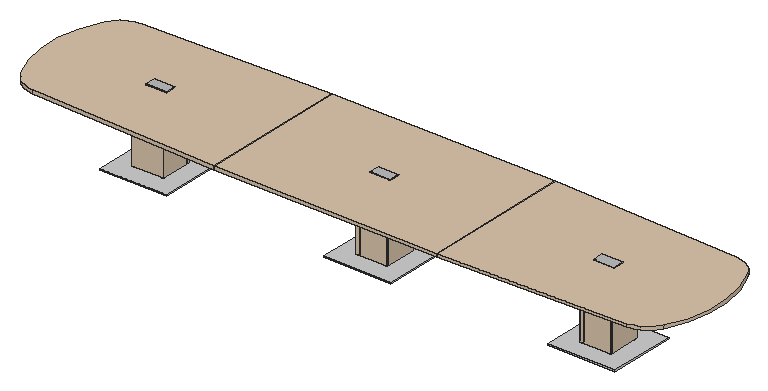
Revit family "Haworth_Planes_ColumnBaseConferenceTable_PebbleThreePiece", category Furniture Systems, Revit 2018 (continued)
Definition of nested family "Haworth_Planes_Worksurface_Pebble_3Piece_PART"
  Definition of nested family "Haworth_Planes_Worksurface_Pebble54_3Pieces_Part"
    Dimensions and locks (in)
      aligned and locked: Extrusion 6 to plane 5 "Table Bottom"
      aligned and locked: Extrusion 5 to plane 5 "Table Bottom"
      aligned and locked: Extrusion 4 to plane 5 "Table Bottom"
      aligned and locked: Extrusion 3 to plane 5 "Table Bottom"
      aligned and locked: Extrusion 2 to plane 5 "Table Bottom"
      aligned and locked: Extrusion 1 to plane 5 "Table Bottom"
      aligned and locked: Extrusion 30 to plane 5 "Table Bottom"
      aligned and locked: Extrusion 29 to plane 5 "Table Bottom"
      aligned and locked: Extrusion 28 to plane 5 "Table Bottom"
      aligned and locked: Extrusion 27 to plane 5 "Table Bottom"
      aligned and locked: Extrusion 26 to plane 5 "Table Bottom"
      aligned and locked: Extrusion 25 to plane 5 "Table Bottom"
      aligned and locked: Extrusion 24 to plane 5 "Table Bottom"
      aligned and locked: Extrusion 23 to plane 5 "Table Bottom"
      aligned and locked: Extrusion 22 to plane 5 "Table Bottom"
      aligned and locked: Extrusion 21 to plane 5 "Table Bottom"
      aligned and locked: Extrusion 20 to plane 5 "Table Bottom"
      aligned and locked: Extrusion 19 to plane 5 "Table Bottom"
      aligned and locked: Extrusion 18 to plane 5 "Table Bottom"
      aligned and locked: Extrusion 17 to plane 5 "Table Bottom"
      aligned and locked: Extrusion 16 to plane 5 "Table Bottom"
    Automatic sketch dimensions
      Extrusion 1 sketch curve to Extrusion 1 sketch curve = 0"  (x11)
      Extrusion 1 sketch curve to Extrusion 1 sketch curve = 64.6693"  (x2)
      Extrusion 1 sketch curve to Extrusion 1 sketch curve = 30.58814"  (x2)
      plane 1 "Center F/B" to Extrusion 1 sketch curve = 12.38409"  (x2)
      Extrusion 1 sketch curve to Extrusion 1 sketch curve = 12.38409"  (x2)
      Extrusion 1 sketch curve to Extrusion 1 sketch curve = 24.76818"  (x2)
      Extrusion 1 sketch curve to Extrusion 1 sketch curve = 11.12296"  (x2)
      Extrusion 1 sketch curve to Extrusion 1 sketch curve = 16.68"  (x2)
      Extrusion 1 sketch curve to Extrusion 1 sketch curve = 1.28399"  (x2)
      Extrusion 1 sketch curve to Extrusion 1 sketch curve = 26.83746"  (x2)
      Extrusion 1 sketch curve to plane 3 "Center L/R" = 78.10814"
      Extrusion 1 sketch curve to plane 3 "Center L/R" = 32.33465"  (x2)
      Extrusion 2 sketch curve to Extrusion 2 sketch curve = 0"  (x9)
      Extrusion 2 sketch curve to Extrusion 2 sketch curve = 30.58776"  (x2)
      Extrusion 2 sketch curve to Extrusion 2 sketch curve = 18.68"  (x2)
      Extrusion 2 sketch curve to Extrusion 2 sketch curve = 63.68"
      Extrusion 2 sketch curve to Extrusion 2 sketch curve = 66.67163"  (x2)
      plane 1 "Center F/B" to Extrusion 2 sketch curve = 451.19208"
      plane 1 "Center F/B" to Extrusion 2 sketch curve = 26.83766"
      Extrusion 2 sketch curve to Extrusion 2 sketch curve = 14.45262"  (x2)
      Extrusion 2 sketch curve to Extrusion 2 sketch curve = 26.83766"  (x4)
      Extrusion 2 sketch curve to Extrusion 2 sketch curve = 24.77007"  (x2)
      Extrusion 2 sketch curve to Extrusion 2 sketch curve = 11.12282"  (x2)
      Extrusion 2 sketch curve to plane 3 "Center L/R" = 81.10776"
      Extrusion 2 sketch curve to plane 3 "Center L/R" = 33.33582"  (x2)
      Extrusion 2 sketch curve to Extrusion 2 sketch curve = 424.35442"
      Extrusion 3 sketch curve to Extrusion 3 sketch curve = 0"  (x10)
      Extrusion 3 sketch curve to Extrusion 3 sketch curve = 30.5875"  (x2)
      Extrusion 3 sketch curve to Extrusion 3 sketch curve = 65.68"
      Extrusion 3 sketch curve to Extrusion 3 sketch curve = 68.67386"  (x2)
      Extrusion 3 sketch curve to Extrusion 3 sketch curve = 20.68"  (x2)
      plane 1 "Center F/B" to Extrusion 3 sketch curve = 491.02972"
      plane 1 "Center F/B" to Extrusion 3 sketch curve = 26.83784"
      Extrusion 3 sketch curve to Extrusion 3 sketch curve = 14.45216"  (x2)
      Extrusion 3 sketch curve to Extrusion 3 sketch curve = 12.38568"  (x2)
      Extrusion 3 sketch curve to Extrusion 3 sketch curve = 24.77136"  (x2)
      Extrusion 3 sketch curve to Extrusion 3 sketch curve = 26.83784"  (x2)
      Extrusion 3 sketch curve to Extrusion 3 sketch curve = 11.12273"
      Extrusion 3 sketch curve to plane 3 "Center L/R" = 84.1075"
      Extrusion 3 sketch curve to plane 3 "Center L/R" = 34.33693"  (x2)
      Extrusion 3 sketch curve to Extrusion 3 sketch curve = 464.19188"
      Extrusion 4 sketch curve to Extrusion 4 sketch curve = 0"  (x9)
      Extrusion 4 sketch curve to Extrusion 4 sketch curve = 30.58733"  (x2)
      Extrusion 4 sketch curve to Extrusion 4 sketch curve = 22.68"  (x2)
      Extrusion 4 sketch curve to Extrusion 4 sketch curve = 67.68"
      Extrusion 4 sketch curve to Extrusion 4 sketch curve = 70.67599"  (x2)
      plane 1 "Center F/B" to Extrusion 4 sketch curve = 532.46658"
      plane 1 "Center F/B" to Extrusion 4 sketch curve = 26.83799"
      Extrusion 4 sketch curve to Extrusion 4 sketch curve = 14.45191"  (x2)
      Extrusion 4 sketch curve to Extrusion 4 sketch curve = 12.38609"  (x2)
      Extrusion 4 sketch curve to Extrusion 4 sketch curve = 24.77217"  (x2)
      Extrusion 4 sketch curve to Extrusion 4 sketch curve = 26.83799"  (x2)
      Extrusion 4 sketch curve to Extrusion 4 sketch curve = 11.12267"  (x2)
      Extrusion 4 sketch curve to plane 3 "Center L/R" = 87.10733"
      Extrusion 4 sketch curve to plane 3 "Center L/R" = 35.33799"  (x2)
      Extrusion 4 sketch curve to Extrusion 4 sketch curve = 505.62859"
      Extrusion 5 sketch curve to Extrusion 5 sketch curve = 0"  (x10)
      Extrusion 5 sketch curve to Extrusion 5 sketch curve = 30.58724"  (x2)
      Extrusion 5 sketch curve to Extrusion 5 sketch curve = 69.68"
      Extrusion 5 sketch curve to Extrusion 5 sketch curve = 72.67803"  (x2)
      Extrusion 5 sketch curve to Extrusion 5 sketch curve = 24.68"  (x2)
      plane 1 "Center F/B" to Extrusion 5 sketch curve = 575.50267"
      plane 1 "Center F/B" to Extrusion 5 sketch curve = 26.83813"
      Extrusion 5 sketch curve to Extrusion 5 sketch curve = 14.45183"  (x2)
      Extrusion 5 sketch curve to Extrusion 5 sketch curve = 12.3863"  (x2)
      Extrusion 5 sketch curve to Extrusion 5 sketch curve = 24.77261"  (x2)
      Extrusion 5 sketch curve to Extrusion 5 sketch curve = 26.83813"  (x2)
      Extrusion 5 sketch curve to Extrusion 5 sketch curve = 11.12263"
      Extrusion 5 sketch curve to plane 3 "Center L/R" = 90.10724"
      Extrusion 5 sketch curve to plane 3 "Center L/R" = 36.33902"  (x2)
      Extrusion 5 sketch curve to Extrusion 5 sketch curve = 548.66454"
      Extrusion 6 sketch curve to Extrusion 6 sketch curve = 0"  (x10)
      Extrusion 6 sketch curve to Extrusion 6 sketch curve = 30.58722"  (x2)
      Extrusion 6 sketch curve to Extrusion 6 sketch curve = 26.68"  (x2)
      Extrusion 6 sketch curve to Extrusion 6 sketch curve = 74.68"  (x2)
      plane 1 "Center F/B" to Extrusion 6 sketch curve = 620.56871"
      plane 1 "Center F/B" to Extrusion 6 sketch curve = 27.26898"
      Extrusion 6 sketch curve to Extrusion 6 sketch curve = 14.45189"  (x2)
      Extrusion 6 sketch curve to Extrusion 6 sketch curve = 12.38637"  (x2)
      Extrusion 6 sketch curve to Extrusion 6 sketch curve = 24.77274"  (x2)
      Extrusion 6 sketch curve to Extrusion 6 sketch curve = 26.83826"  (x2)
      Extrusion 6 sketch curve to Extrusion 6 sketch curve = 11.12262"
      Extrusion 6 sketch curve to plane 3 "Center L/R" = 93.10722"
      Extrusion 6 sketch curve to plane 3 "Center L/R" = 37.34"  (x2)
      Extrusion 6 sketch curve to Extrusion 6 sketch curve = 71.68"
      Extrusion 6 sketch curve to Extrusion 6 sketch curve = 593.29973"
      Extrusion 7 sketch curve to Extrusion 7 sketch curve = 0"  (x10)
      Extrusion 7 sketch curve to Extrusion 7 sketch curve = 30.58724"  (x2)
      Extrusion 7 sketch curve to Extrusion 7 sketch curve = 73.68"
      Extrusion 7 sketch curve to Extrusion 7 sketch curve = 76.6819"  (x2)
      Extrusion 7 sketch curve to Extrusion 7 sketch curve = 28.68"  (x2)
      plane 1 "Center F/B" to Extrusion 7 sketch curve = 666.37253"
      plane 1 "Center F/B" to Extrusion 7 sketch curve = 26.83838"
      Extrusion 7 sketch curve to Extrusion 7 sketch curve = 14.45206"  (x2)
      Extrusion 7 sketch curve to Extrusion 7 sketch curve = 12.38631"  (x2)
      Extrusion 7 sketch curve to Extrusion 7 sketch curve = 24.77263"  (x2)
      Extrusion 7 sketch curve to Extrusion 7 sketch curve = 26.83838"  (x2)
      Extrusion 7 sketch curve to Extrusion 7 sketch curve = 11.12263"
      Extrusion 7 sketch curve to plane 3 "Center L/R" = 96.10724"
      Extrusion 7 sketch curve to plane 3 "Center L/R" = 38.34095"  (x2)
      Extrusion 7 sketch curve to Extrusion 7 sketch curve = 639.53416"
      Extrusion 8 sketch curve to Extrusion 8 sketch curve = 0"  (x9)
      Extrusion 8 sketch curve to Extrusion 8 sketch curve = 30.5873"  (x2)
      Extrusion 8 sketch curve to Extrusion 8 sketch curve = 30.68"  (x2)
      Extrusion 8 sketch curve to Extrusion 8 sketch curve = 75.68"
      Extrusion 8 sketch curve to Extrusion 8 sketch curve = 78.68374"  (x2)
      plane 1 "Center F/B" to Extrusion 8 sketch curve = 714.2063"
      plane 1 "Center F/B" to Extrusion 8 sketch curve = 26.83848"
      Extrusion 8 sketch curve to Extrusion 8 sketch curve = 14.45232"  (x2)
      Extrusion 8 sketch curve to Extrusion 8 sketch curve = 12.38616"  (x2)
      Extrusion 8 sketch curve to Extrusion 8 sketch curve = 24.77232"  (x2)
      Extrusion 8 sketch curve to Extrusion 8 sketch curve = 26.83848"  (x2)
      Extrusion 8 sketch curve to Extrusion 8 sketch curve = 11.12266"  (x2)
      Extrusion 8 sketch curve to plane 3 "Center L/R" = 99.1073"
      Extrusion 8 sketch curve to plane 3 "Center L/R" = 39.34187"  (x2)
      Extrusion 8 sketch curve to Extrusion 8 sketch curve = 687.36783"
      Extrusion 9 sketch curve to Extrusion 9 sketch curve = 0"  (x9)
      Extrusion 9 sketch curve to Extrusion 9 sketch curve = 30.5874"  (x2)
      Extrusion 9 sketch curve to Extrusion 9 sketch curve = 32.68"  (x2)
      Extrusion 9 sketch curve to Extrusion 9 sketch curve = 77.68"
      Extrusion 9 sketch curve to Extrusion 9 sketch curve = 80.68552"  (x2)
      plane 1 "Center F/B" to Extrusion 9 sketch curve = 763.6393"
      plane 1 "Center F/B" to Extrusion 9 sketch curve = 26.83857"
      Extrusion 9 sketch curve to Extrusion 9 sketch curve = 14.45265"  (x2)
      Extrusion 9 sketch curve to Extrusion 9 sketch curve = 12.38593"  (x2)
      Extrusion 9 sketch curve to Extrusion 9 sketch curve = 24.77185"  (x2)
      Extrusion 9 sketch curve to Extrusion 9 sketch curve = 26.83857"  (x2)
      Extrusion 9 sketch curve to Extrusion 9 sketch curve = 11.12269"  (x2)
      Extrusion 9 sketch curve to plane 3 "Center L/R" = 102.1074"
      Extrusion 9 sketch curve to plane 3 "Center L/R" = 40.34276"  (x2)
      Extrusion 9 sketch curve to Extrusion 9 sketch curve = 736.80073"
      Extrusion 10 sketch curve to Extrusion 10 sketch curve = 0"  (x10)
      Extrusion 10 sketch curve to Extrusion 10 sketch curve = 30.58752"  (x2)
      Extrusion 10 sketch curve to Extrusion 10 sketch curve = 79.68"
      Extrusion 10 sketch curve to Extrusion 10 sketch curve = 82.68725"  (x2)
      Extrusion 10 sketch curve to Extrusion 10 sketch curve = 34.68"  (x2)
      plane 1 "Center F/B" to Extrusion 10 sketch curve = 814.67153"
      plane 1 "Center F/B" to Extrusion 10 sketch curve = 26.83866"
      Extrusion 10 sketch curve to Extrusion 10 sketch curve = 14.45303"  (x2)
      Extrusion 10 sketch curve to Extrusion 10 sketch curve = 12.38563"  (x2)
      Extrusion 10 sketch curve to Extrusion 10 sketch curve = 24.77126"  (x2)
      Extrusion 10 sketch curve to Extrusion 10 sketch curve = 26.83866"  (x2)
      Extrusion 10 sketch curve to Extrusion 10 sketch curve = 11.12273"
      Extrusion 10 sketch curve to plane 3 "Center L/R" = 105.10752"
      Extrusion 10 sketch curve to plane 3 "Center L/R" = 41.34363"  (x2)
      Extrusion 10 sketch curve to Extrusion 10 sketch curve = 787.83287"
      Extrusion 11 sketch curve to Extrusion 11 sketch curve = 0"  (x10)
      Extrusion 11 sketch curve to Extrusion 11 sketch curve = 30.58766"  (x2)
      Extrusion 11 sketch curve to Extrusion 11 sketch curve = 36.68"  (x2)
      Extrusion 11 sketch curve to Extrusion 11 sketch curve = 84.68894"  (x2)
      plane 1 "Center F/B" to Extrusion 11 sketch curve = 867.30298"
      plane 1 "Center F/B" to Extrusion 11 sketch curve = 26.83873"
      Extrusion 11 sketch curve to Extrusion 11 sketch curve = 14.45345"  (x2)
      Extrusion 11 sketch curve to Extrusion 11 sketch curve = 12.38528"  (x2)
      Extrusion 11 sketch curve to Extrusion 11 sketch curve = 24.77057"  (x2)
      Extrusion 11 sketch curve to Extrusion 11 sketch curve = 26.83873"  (x2)
      Extrusion 11 sketch curve to Extrusion 11 sketch curve = 11.12278"
      Extrusion 11 sketch curve to plane 3 "Center L/R" = 108.10766"
      Extrusion 11 sketch curve to plane 3 "Center L/R" = 42.34447"  (x2)
      Extrusion 11 sketch curve to Extrusion 11 sketch curve = 81.68"
      Extrusion 11 sketch curve to Extrusion 11 sketch curve = 840.46424"
      Extrusion 12 sketch curve to Extrusion 12 sketch curve = 0"  (x10)
      Extrusion 12 sketch curve to Extrusion 12 sketch curve = 30.58781"  (x2)
      Extrusion 12 sketch curve to Extrusion 12 sketch curve = 38.68"  (x2)
      Extrusion 12 sketch curve to Extrusion 12 sketch curve = 86.69059"  (x2)
      plane 1 "Center F/B" to Extrusion 12 sketch curve = 921.53366"
      plane 1 "Center F/B" to Extrusion 12 sketch curve = 26.83881"
      Extrusion 12 sketch curve to Extrusion 12 sketch curve = 14.45391"  (x2)
      Extrusion 12 sketch curve to Extrusion 12 sketch curve = 12.3849"  (x2)
      Extrusion 12 sketch curve to Extrusion 12 sketch curve = 24.7698"  (x2)
      Extrusion 12 sketch curve to Extrusion 12 sketch curve = 26.83881"  (x2)
      Extrusion 12 sketch curve to Extrusion 12 sketch curve = 11.12284"
      Extrusion 12 sketch curve to plane 3 "Center L/R" = 111.10781"
      Extrusion 12 sketch curve to plane 3 "Center L/R" = 43.34529"  (x2)
      Extrusion 12 sketch curve to Extrusion 12 sketch curve = 83.68"
      Extrusion 12 sketch curve to Extrusion 12 sketch curve = 894.69485"
      Extrusion 13 sketch curve to Extrusion 13 sketch curve = 0"  (x9)
      Extrusion 13 sketch curve to Extrusion 13 sketch curve = 30.58798"  (x2)
      Extrusion 13 sketch curve to Extrusion 13 sketch curve = 40.68"  (x2)
      Extrusion 13 sketch curve to Extrusion 13 sketch curve = 85.68"
      Extrusion 13 sketch curve to Extrusion 13 sketch curve = 88.69219"  (x2)
      plane 1 "Center F/B" to Extrusion 13 sketch curve = 977.36356"
      plane 1 "Center F/B" to Extrusion 13 sketch curve = 26.83887"
      Extrusion 13 sketch curve to Extrusion 13 sketch curve = 14.45439"  (x2)
      Extrusion 13 sketch curve to Extrusion 13 sketch curve = 12.38448"  (x2)
      Extrusion 13 sketch curve to Extrusion 13 sketch curve = 24.76896"  (x2)
      Extrusion 13 sketch curve to Extrusion 13 sketch curve = 26.83887"  (x2)
      Extrusion 13 sketch curve to Extrusion 13 sketch curve = 11.1229"  (x2)
      Extrusion 13 sketch curve to plane 3 "Center L/R" = 114.10798"
      Extrusion 13 sketch curve to plane 3 "Center L/R" = 44.3461"  (x2)
      Extrusion 13 sketch curve to Extrusion 13 sketch curve = 950.52469"
      Extrusion 14 sketch curve to Extrusion 14 sketch curve = 0"  (x10)
      Extrusion 14 sketch curve to Extrusion 14 sketch curve = 30.58816"  (x2)
      Extrusion 14 sketch curve to Extrusion 14 sketch curve = 87.68"
      Extrusion 14 sketch curve to Extrusion 14 sketch curve = 90.69377"  (x2)
      Extrusion 14 sketch curve to Extrusion 14 sketch curve = 42.68"  (x2)
      plane 1 "Center F/B" to Extrusion 14 sketch curve = 1034.79269"
      plane 1 "Center F/B" to Extrusion 14 sketch curve = 26.83893"
      Extrusion 14 sketch curve to Extrusion 14 sketch curve = 14.45489"  (x2)
      Extrusion 14 sketch curve to Extrusion 14 sketch curve = 12.38404"  (x2)
      Extrusion 14 sketch curve to Extrusion 14 sketch curve = 24.76808"  (x2)
      Extrusion 14 sketch curve to Extrusion 14 sketch curve = 26.83893"  (x2)
      Extrusion 14 sketch curve to Extrusion 14 sketch curve = 11.12297"
      Extrusion 14 sketch curve to plane 3 "Center L/R" = 117.10816"
      Extrusion 14 sketch curve to plane 3 "Center L/R" = 45.34688"  (x2)
      Extrusion 14 sketch curve to Extrusion 14 sketch curve = 1007.95376"
      Extrusion 15 sketch curve to plane 3 "Center L/R" = 120.10835"
      Extrusion 15 sketch curve to Extrusion 15 sketch curve = 0"  (x11)
      Extrusion 15 sketch curve to Extrusion 15 sketch curve = 30.58835"  (x2)
      Extrusion 15 sketch curve to plane 3 "Center L/R" = 46 89/256"  (x2)
      Extrusion 15 sketch curve to Extrusion 15 sketch curve = 44.68"  (x2)
      Extrusion 15 sketch curve to Extrusion 15 sketch curve = 89.68"
      Extrusion 15 sketch curve to Extrusion 15 sketch curve = 92 89/128"  (x2)
      plane 1 "Center F/B" to Extrusion 15 sketch curve = 1093.82105"
      plane 1 "Center F/B" to Extrusion 15 sketch curve = 26.83899"
      Extrusion 15 sketch curve to Extrusion 15 sketch curve = 14.45541"  (x2)
      Extrusion 15 sketch curve to Extrusion 15 sketch curve = 12.38358"  (x2)
      Extrusion 15 sketch curve to Extrusion 15 sketch curve = 24.76716"  (x2)
      Extrusion 15 sketch curve to Extrusion 15 sketch curve = 26.83899"  (x2)
      Extrusion 15 sketch curve to Extrusion 15 sketch curve = 1066.98207"
      plane 1 "Center F/B" to Extrusion 16 sketch curve = 26.83746"
      Extrusion 16 sketch curve to plane 3 "Center L/R" = 30.84"
      Extrusion 16 sketch curve to Extrusion 16 sketch curve = 61.68"
      Extrusion 16 sketch curve to Extrusion 16 sketch curve = 53.67492"
      plane 1 "Center F/B" to Extrusion 17 sketch curve = 26.83766"
      Extrusion 17 sketch curve to plane 3 "Center L/R" = 31.84"
      Extrusion 17 sketch curve to Extrusion 17 sketch curve = 63.68"
      Extrusion 17 sketch curve to Extrusion 17 sketch curve = 53.67532"
      Extrusion 18 sketch curve to plane 3 "Center L/R" = 32.84"
      Extrusion 18 sketch curve to Extrusion 18 sketch curve = 65.68"
      plane 1 "Center F/B" to Extrusion 18 sketch curve = 26.83784"
      Extrusion 18 sketch curve to Extrusion 18 sketch curve = 53.67567"
      Extrusion 19 sketch curve to plane 3 "Center L/R" = 33.84"
      Extrusion 19 sketch curve to Extrusion 19 sketch curve = 67.68"
      plane 1 "Center F/B" to Extrusion 19 sketch curve = 26.83799"
      Extrusion 19 sketch curve to Extrusion 19 sketch curve = 53.67599"
      Extrusion 20 sketch curve to plane 3 "Center L/R" = 34.84"
      Extrusion 20 sketch curve to Extrusion 20 sketch curve = 69.68"
      plane 1 "Center F/B" to Extrusion 20 sketch curve = 26.83813"
      Extrusion 20 sketch curve to Extrusion 20 sketch curve = 53.67627"
      Extrusion 21 sketch curve to plane 3 "Center L/R" = 35.84"
      Extrusion 21 sketch curve to Extrusion 21 sketch curve = 71.68"
      plane 1 "Center F/B" to Extrusion 21 sketch curve = 27.26898"
      Extrusion 21 sketch curve to Extrusion 21 sketch curve = 53.67652"
      Extrusion 22 sketch curve to plane 3 "Center L/R" = 36.84"
      Extrusion 22 sketch curve to Extrusion 22 sketch curve = 73.68"
      plane 1 "Center F/B" to Extrusion 22 sketch curve = 26.83838"
      Extrusion 22 sketch curve to Extrusion 22 sketch curve = 53.67675"
      Extrusion 23 sketch curve to plane 3 "Center L/R" = 37.84"
      Extrusion 23 sketch curve to Extrusion 23 sketch curve = 75.68"
      plane 1 "Center F/B" to Extrusion 23 sketch curve = 26.83848"
      Extrusion 23 sketch curve to Extrusion 23 sketch curve = 53.67696"
      Extrusion 24 sketch curve to plane 3 "Center L/R" = 38.84"
      Extrusion 24 sketch curve to Extrusion 24 sketch curve = 77.68"
      plane 1 "Center F/B" to Extrusion 24 sketch curve = 26.83857"
      Extrusion 24 sketch curve to Extrusion 24 sketch curve = 53.67714"
      Extrusion 25 sketch curve to plane 3 "Center L/R" = 39.84"
      Extrusion 25 sketch curve to Extrusion 25 sketch curve = 79.68"
      plane 1 "Center F/B" to Extrusion 25 sketch curve = 26.83866"
      Extrusion 25 sketch curve to Extrusion 25 sketch curve = 53.67731"
      Extrusion 26 sketch curve to plane 3 "Center L/R" = 40.84"
      Extrusion 26 sketch curve to Extrusion 26 sketch curve = 81.68"
      plane 1 "Center F/B" to Extrusion 26 sketch curve = 26.83873"
      Extrusion 26 sketch curve to Extrusion 26 sketch curve = 53.67747"
      Extrusion 27 sketch curve to plane 3 "Center L/R" = 41.84"
      Extrusion 27 sketch curve to Extrusion 27 sketch curve = 83.68"
      plane 1 "Center F/B" to Extrusion 27 sketch curve = 26.83881"
      Extrusion 27 sketch curve to Extrusion 27 sketch curve = 53.67761"
      Extrusion 28 sketch curve to plane 3 "Center L/R" = 42.84"
      Extrusion 28 sketch curve to Extrusion 28 sketch curve = 85.68"
      plane 1 "Center F/B" to Extrusion 28 sketch curve = 26.83887"
      Extrusion 28 sketch curve to Extrusion 28 sketch curve = 53.67774"
      Extrusion 29 sketch curve to plane 3 "Center L/R" = 43.84"
      Extrusion 29 sketch curve to Extrusion 29 sketch curve = 87.68"
      plane 1 "Center F/B" to Extrusion 29 sketch curve = 26.83893"
      Extrusion 29 sketch curve to Extrusion 29 sketch curve = 53.67786"
      Extrusion 30 sketch curve to plane 3 "Center L/R" = 44.84"
      Extrusion 30 sketch curve to Extrusion 30 sketch curve = 89.68"
      plane 1 "Center F/B" to Extrusion 30 sketch curve = 26.83899"
      Extrusion 30 sketch curve to Extrusion 30 sketch curve = 53.67797"
      Masking region 1 sketch curve to plane 1 "Center F/B" = 12.38637"
      Masking region 1 sketch curve to plane 3 "Center L/R" = 78.10722"
      Masking region 1 sketch curve to Masking region 1 sketch curve = 0"  (x7)
      Masking region 1 sketch curve to Masking region 1 sketch curve = 30.58722"  (x2)
      Masking region 1 sketch curve to Masking region 1 sketch curve = 15.17999"  (x2)
      Masking region 1 sketch curve to Masking region 1 sketch curve = 15.18"
      Masking region 1 sketch curve to plane 3 "Center L/R" = 32.33465"  (x2)
      Masking region 1 sketch curve to Masking region 1 sketch curve = 64.6693"  (x2)
      Masking region 1 sketch curve to Masking region 1 sketch curve = 64.68002"
      Masking region 1 sketch curve to Masking region 1 sketch curve = 12.38637"  (x2)
      Masking region 1 sketch curve to plane 1 "Center F/B" = 0"
      Masking region 1 sketch curve to Masking region 1 sketch curve = 24.77274"  (x2)
      Masking region 1 sketch curve to Masking region 1 sketch curve = 26.84"  (x2)
      plane 1 "Center F/B" to Masking region 1 sketch curve = 412.95367"
      Masking region 1 sketch curve to Masking region 1 sketch curve = 386.11367"
      Masking region 1 sketch curve to Masking region 1 sketch curve = 1.05391"  (x4)
      Masking region 2 sketch curve to plane 3 "Center L/R" = 81.10722"
      Masking region 2 sketch curve to Masking region 2 sketch curve = 0"  (x7)
      Masking region 2 sketch curve to Masking region 2 sketch curve = 30.58722"  (x2)
      Masking region 2 sketch curve to Masking region 2 sketch curve = 17.17999"  (x2)
      Masking region 2 sketch curve to Masking region 2 sketch curve = 17.18"
      Masking region 2 sketch curve to plane 3 "Center L/R" = 33.33582"  (x2)
      Masking region 2 sketch curve to Masking region 2 sketch curve = 66.67163"  (x2)
      Masking region 2 sketch curve to Masking region 2 sketch curve = 66.68002"
      plane 1 "Center F/B" to Masking region 2 sketch curve = 451.19208"
      plane 1 "Center F/B" to Masking region 2 sketch curve = 26.84"
      Masking region 2 sketch curve to Masking region 2 sketch curve = 14.45363"  (x2)
      Masking region 2 sketch curve to Masking region 2 sketch curve = 26.84"  (x3)
      Masking region 2 sketch curve to Masking region 2 sketch curve = 24.77274"  (x2)
      Masking region 2 sketch curve to Masking region 2 sketch curve = 424.35208"
      Masking region 2 sketch curve to Masking region 2 sketch curve = 1.05391"  (x4)
      Masking region 3 sketch curve to plane 3 "Center L/R" = 84.10722"
      Masking region 3 sketch curve to Masking region 3 sketch curve = 0"  (x7)
      Masking region 3 sketch curve to Masking region 3 sketch curve = 30.58722"  (x2)
      Masking region 3 sketch curve to Masking region 3 sketch curve = 19.18307"  (x3)
      Masking region 3 sketch curve to plane 3 "Center L/R" = 34.33693"  (x2)
      Masking region 3 sketch curve to Masking region 3 sketch curve = 68.67386"  (x3)
      plane 1 "Center F/B" to Masking region 3 sketch curve = 491.02972"
      plane 1 "Center F/B" to Masking region 3 sketch curve = 26.84"
      Masking region 3 sketch curve to Masking region 3 sketch curve = 14.45363"  (x2)
      Masking region 3 sketch curve to Masking region 3 sketch curve = 26.84"  (x3)
      Masking region 3 sketch curve to Masking region 3 sketch curve = 24.77274"  (x2)
      Masking region 3 sketch curve to Masking region 3 sketch curve = 464.18972"
      Masking region 3 sketch curve to Masking region 3 sketch curve = 1.05391"  (x4)
      Masking region 4 sketch curve to plane 3 "Center L/R" = 87.10722"
      Masking region 4 sketch curve to Masking region 4 sketch curve = 0"  (x7)
      Masking region 4 sketch curve to Masking region 4 sketch curve = 30.58722"  (x2)
      Masking region 4 sketch curve to Masking region 4 sketch curve = 21.18201"  (x3)
      Masking region 4 sketch curve to plane 3 "Center L/R" = 35.33799"  (x2)
      Masking region 4 sketch curve to Masking region 4 sketch curve = 70.67599"  (x3)
      plane 1 "Center F/B" to Masking region 4 sketch curve = 532.46658"
      plane 1 "Center F/B" to Masking region 4 sketch curve = 26.84"
      Masking region 4 sketch curve to Masking region 4 sketch curve = 14.45363"  (x2)
      Masking region 4 sketch curve to Masking region 4 sketch curve = 12.38637"  (x2)
      Masking region 4 sketch curve to Masking region 4 sketch curve = 24.77274"  (x2)
      Masking region 4 sketch curve to Masking region 4 sketch curve = 26.84"
      Masking region 4 sketch curve to Masking region 4 sketch curve = 505.62658"
      Masking region 4 sketch curve to Masking region 4 sketch curve = 1.05391"  (x4)
      Masking region 5 sketch curve to plane 3 "Center L/R" = 90.10722"
      Masking region 5 sketch curve to Masking region 5 sketch curve = 0"  (x7)
      Masking region 5 sketch curve to Masking region 5 sketch curve = 30.58722"  (x2)
      Masking region 5 sketch curve to Masking region 5 sketch curve = 23.18098"  (x3)
      Masking region 5 sketch curve to plane 3 "Center L/R" = 36.33902"  (x2)
      Masking region 5 sketch curve to Masking region 5 sketch curve = 72.67803"  (x3)
      plane 1 "Center F/B" to Masking region 5 sketch curve = 575.50267"
      plane 1 "Center F/B" to Masking region 5 sketch curve = 26.84"
      Masking region 5 sketch curve to Masking region 5 sketch curve = 14.45363"  (x2)
      Masking region 5 sketch curve to Masking region 5 sketch curve = 12.38637"  (x2)
      Masking region 5 sketch curve to Masking region 5 sketch curve = 24.77274"  (x2)
      Masking region 5 sketch curve to Masking region 5 sketch curve = 26.84"
      Masking region 5 sketch curve to Masking region 5 sketch curve = 548.66267"
      Masking region 5 sketch curve to Masking region 5 sketch curve = 1.05391"  (x4)
      Masking region 6 sketch curve to plane 3 "Center L/R" = 93.10722"
      Masking region 6 sketch curve to Masking region 6 sketch curve = 0"  (x11)
      Masking region 6 sketch curve to Masking region 6 sketch curve = 30.58722"  (x2)
      Masking region 6 sketch curve to Masking region 6 sketch curve = 25.18"  (x2)
      Masking region 6 sketch curve to plane 3 "Center L/R" = 37.34"
      Masking region 6 sketch curve to Masking region 6 sketch curve = 74.68"
      plane 1 "Center F/B" to Masking region 6 sketch curve = 620.56871"
      plane 1 "Center F/B" to Masking region 6 sketch curve = 27.27072"
      Masking region 6 sketch curve to Masking region 6 sketch curve = 14.45363"  (x2)
      Masking region 6 sketch curve to Masking region 6 sketch curve = 12.38637"  (x2)
      Masking region 6 sketch curve to Masking region 6 sketch curve = 24.77274"  (x2)
      Masking region 6 sketch curve to Masking region 6 sketch curve = 26.84"
      Masking region 6 sketch curve to Masking region 6 sketch curve = 593.29799"
      Masking region 7 sketch curve to plane 3 "Center L/R" = 96.10722"
      Masking region 7 sketch curve to Masking region 7 sketch curve = 0"  (x7)
      Masking region 7 sketch curve to Masking region 7 sketch curve = 30.58722"  (x2)
      Masking region 7 sketch curve to plane 3 "Center L/R" = 38.34095"  (x2)
      Masking region 7 sketch curve to Masking region 7 sketch curve = 27.17905"  (x3)
      Masking region 7 sketch curve to Masking region 7 sketch curve = 76.6819"  (x3)
      plane 1 "Center F/B" to Masking region 7 sketch curve = 666.37253"
      plane 1 "Center F/B" to Masking region 7 sketch curve = 26.84"
      Masking region 7 sketch curve to Masking region 7 sketch curve = 14.45363"  (x2)
      Masking region 7 sketch curve to Masking region 7 sketch curve = 12.38637"  (x2)
      Masking region 7 sketch curve to Masking region 7 sketch curve = 24.77274"  (x2)
      Masking region 7 sketch curve to Masking region 7 sketch curve = 26.84"
      Masking region 7 sketch curve to Masking region 7 sketch curve = 639.53253"
      Masking region 7 sketch curve to Masking region 7 sketch curve = 1.05391"  (x4)
      Masking region 8 sketch curve to plane 3 "Center L/R" = 99.10722"
      Masking region 8 sketch curve to Masking region 8 sketch curve = 0"  (x7)
      Masking region 8 sketch curve to Masking region 8 sketch curve = 30.58722"  (x2)
      Masking region 8 sketch curve to plane 3 "Center L/R" = 39.34187"  (x2)
      Masking region 8 sketch curve to Masking region 8 sketch curve = 29.17813"  (x3)
      Masking region 8 sketch curve to Masking region 8 sketch curve = 78.68374"  (x3)
      plane 1 "Center F/B" to Masking region 8 sketch curve = 714.2063"
      plane 1 "Center F/B" to Masking region 8 sketch curve = 26.84"
      Masking region 8 sketch curve to Masking region 8 sketch curve = 14.45363"  (x2)
      Masking region 8 sketch curve to Masking region 8 sketch curve = 12.38637"  (x2)
      Masking region 8 sketch curve to Masking region 8 sketch curve = 24.77274"  (x2)
      Masking region 8 sketch curve to Masking region 8 sketch curve = 26.84"
      Masking region 8 sketch curve to Masking region 8 sketch curve = 687.3663"
      Masking region 8 sketch curve to Masking region 8 sketch curve = 1.05391"  (x4)
      Masking region 9 sketch curve to plane 3 "Center L/R" = 102.10722"
      Masking region 9 sketch curve to Masking region 9 sketch curve = 0"  (x7)
      Masking region 9 sketch curve to Masking region 9 sketch curve = 30.58722"  (x2)
      Masking region 9 sketch curve to plane 3 "Center L/R" = 40.34276"  (x2)
      Masking region 9 sketch curve to Masking region 9 sketch curve = 31.17724"  (x3)
      Masking region 9 sketch curve to Masking region 9 sketch curve = 80.68552"  (x3)
      plane 1 "Center F/B" to Masking region 9 sketch curve = 763.6393"
      plane 1 "Center F/B" to Masking region 9 sketch curve = 26.84"
      Masking region 9 sketch curve to Masking region 9 sketch curve = 14.45363"  (x2)
      Masking region 9 sketch curve to Masking region 9 sketch curve = 12.38637"  (x2)
      Masking region 9 sketch curve to Masking region 9 sketch curve = 24.77274"  (x2)
      Masking region 9 sketch curve to Masking region 9 sketch curve = 26.84"
      Masking region 9 sketch curve to Masking region 9 sketch curve = 736.7993"
      Masking region 9 sketch curve to Masking region 9 sketch curve = 1.05391"  (x4)
      Masking region 10 sketch curve to plane 3 "Center L/R" = 105.10722"
      Masking region 10 sketch curve to Masking region 10 sketch curve = 0"  (x7)
      Masking region 10 sketch curve to Masking region 10 sketch curve = 30.58722"  (x2)
      Masking region 10 sketch curve to plane 3 "Center L/R" = 41.34363"  (x2)
      Masking region 10 sketch curve to Masking region 10 sketch curve = 33.17637"  (x3)
      Masking region 10 sketch curve to Masking region 10 sketch curve = 82.68725"  (x3)
      plane 1 "Center F/B" to Masking region 10 sketch curve = 814.67153"
      plane 1 "Center F/B" to Masking region 10 sketch curve = 26.84"
      Masking region 10 sketch curve to Masking region 10 sketch curve = 14.45363"  (x2)
      Masking region 10 sketch curve to Masking region 10 sketch curve = 12.38637"  (x2)
      Masking region 10 sketch curve to Masking region 10 sketch curve = 24.77274"  (x2)
      Masking region 10 sketch curve to Masking region 10 sketch curve = 26.84"
      Masking region 10 sketch curve to Masking region 10 sketch curve = 787.83153"
      Masking region 10 sketch curve to Masking region 10 sketch curve = 1.05391"  (x4)
      Masking region 11 sketch curve to plane 3 "Center L/R" = 108.10722"
      Masking region 11 sketch curve to Masking region 11 sketch curve = 0"  (x7)
      Masking region 11 sketch curve to Masking region 11 sketch curve = 30.58722"  (x2)
      plane 1 "Center F/B" to Masking region 11 sketch curve = 867.30298"
      Masking region 11 sketch curve to plane 3 "Center L/R" = 42.34447"  (x2)
      Masking region 11 sketch curve to Masking region 11 sketch curve = 35.17553"  (x3)
      Masking region 11 sketch curve to Masking region 11 sketch curve = 84.68894"  (x3)
      plane 1 "Center F/B" to Masking region 11 sketch curve = 26.84"
      Masking region 11 sketch curve to Masking region 11 sketch curve = 14.45363"  (x2)
      Masking region 11 sketch curve to Masking region 11 sketch curve = 12.38637"  (x2)
      Masking region 11 sketch curve to Masking region 11 sketch curve = 24.77274"  (x2)
      Masking region 11 sketch curve to Masking region 11 sketch curve = 26.84"
      Masking region 11 sketch curve to Masking region 11 sketch curve = 840.46298"
      Masking region 11 sketch curve to Masking region 11 sketch curve = 1.05391"  (x4)
      Masking region 12 sketch curve to plane 3 "Center L/R" = 111.10722"
      Masking region 12 sketch curve to Masking region 12 sketch curve = 0"  (x7)
      Masking region 12 sketch curve to Masking region 12 sketch curve = 30.58722"  (x2)
      plane 1 "Center F/B" to Masking region 12 sketch curve = 921.53366"
      Masking region 12 sketch curve to plane 3 "Center L/R" = 43.34529"  (x2)
      Masking region 12 sketch curve to Masking region 12 sketch curve = 37.18"
      Masking region 12 sketch curve to Masking region 12 sketch curve = 37.18002"  (x2)
      Masking region 12 sketch curve to Masking region 12 sketch curve = 86.67996"
      Masking region 12 sketch curve to Masking region 12 sketch curve = 86.69059"  (x2)
      plane 1 "Center F/B" to Masking region 12 sketch curve = 26.84"
      Masking region 12 sketch curve to Masking region 12 sketch curve = 14.45363"  (x2)
      Masking region 12 sketch curve to Masking region 12 sketch curve = 12.38637"  (x2)
      Masking region 12 sketch curve to Masking region 12 sketch curve = 24.77274"  (x2)
      Masking region 12 sketch curve to Masking region 12 sketch curve = 26.84"
      Masking region 12 sketch curve to Masking region 12 sketch curve = 894.69366"
      Masking region 12 sketch curve to Masking region 12 sketch curve = 1.05391"  (x4)
      Masking region 13 sketch curve to plane 3 "Center L/R" = 114.10722"
      Masking region 13 sketch curve to Masking region 13 sketch curve = 0"  (x7)
      Masking region 13 sketch curve to Masking region 13 sketch curve = 30.58722"  (x2)
      plane 1 "Center F/B" to Masking region 13 sketch curve = 977.36356"
      Masking region 13 sketch curve to plane 3 "Center L/R" = 44.3461"  (x2)
      Masking region 13 sketch curve to Masking region 13 sketch curve = 39.18"
      Masking region 13 sketch curve to Masking region 13 sketch curve = 39.18002"  (x2)
      Masking region 13 sketch curve to Masking region 13 sketch curve = 88.67997"
      Masking region 13 sketch curve to Masking region 13 sketch curve = 88.69219"  (x2)
      plane 1 "Center F/B" to Masking region 13 sketch curve = 26.84"
      Masking region 13 sketch curve to Masking region 13 sketch curve = 14.45363"  (x2)
      Masking region 13 sketch curve to Masking region 13 sketch curve = 12.38637"  (x2)
      Masking region 13 sketch curve to Masking region 13 sketch curve = 24.77274"  (x2)
      Masking region 13 sketch curve to Masking region 13 sketch curve = 26.84"
      Masking region 13 sketch curve to Masking region 13 sketch curve = 950.52356"
      Masking region 13 sketch curve to Masking region 13 sketch curve = 1.05391"  (x4)
      Masking region 14 sketch curve to plane 3 "Center L/R" = 117.10722"
      Masking region 14 sketch curve to Masking region 14 sketch curve = 0"  (x7)
      Masking region 14 sketch curve to Masking region 14 sketch curve = 30.58722"  (x2)
      plane 1 "Center F/B" to Masking region 14 sketch curve = 1034.79269"
      Masking region 14 sketch curve to plane 3 "Center L/R" = 45.34688"  (x2)
      Masking region 14 sketch curve to Masking region 14 sketch curve = 41.18"
      Masking region 14 sketch curve to Masking region 14 sketch curve = 41.18002"  (x2)
      Masking region 14 sketch curve to Masking region 14 sketch curve = 90.67997"
      Masking region 14 sketch curve to Masking region 14 sketch curve = 90.69377"  (x2)
      plane 1 "Center F/B" to Masking region 14 sketch curve = 26.84"
      Masking region 14 sketch curve to Masking region 14 sketch curve = 14.45363"  (x2)
      Masking region 14 sketch curve to Masking region 14 sketch curve = 12.38637"  (x2)
      Masking region 14 sketch curve to Masking region 14 sketch curve = 24.77274"  (x2)
      Masking region 14 sketch curve to Masking region 14 sketch curve = 26.84"
      Masking region 14 sketch curve to Masking region 14 sketch curve = 1007.95269"
      Masking region 14 sketch curve to Masking region 14 sketch curve = 1.05391"  (x4)
      Masking region 15 sketch curve to plane 3 "Center L/R" = 120.10722"
      Masking region 15 sketch curve to Masking region 15 sketch curve = 0"  (x7)
      Masking region 15 sketch curve to Masking region 15 sketch curve = 30.58722"  (x2)
      plane 1 "Center F/B" to Masking region 15 sketch curve = 1093.82105"
      Masking region 15 sketch curve to plane 3 "Center L/R" = 46 89/256"  (x2)
      Masking region 15 sketch curve to Masking region 15 sketch curve = 43.18"
      Masking region 15 sketch curve to Masking region 15 sketch curve = 43.18001"  (x2)
      Masking region 15 sketch curve to Masking region 15 sketch curve = 92.67997"
      Masking region 15 sketch curve to Masking region 15 sketch curve = 92 89/128"  (x2)
      plane 1 "Center F/B" to Masking region 15 sketch curve = 26.84"
      Masking region 15 sketch curve to Masking region 15 sketch curve = 14.45363"  (x2)
      Masking region 15 sketch curve to Masking region 15 sketch curve = 12.38637"  (x2)
      Masking region 15 sketch curve to Masking region 15 sketch curve = 24.77274"  (x2)
      Masking region 15 sketch curve to Masking region 15 sketch curve = 26.84"
      Masking region 15 sketch curve to Masking region 15 sketch curve = 1066.98105"
      Masking region 15 sketch curve to Masking region 15 sketch curve = 1.05391"  (x4)
      curve 29 to plane 3 "Center L/R" = 44.84"
      plane 1 "Center F/B" to curve 1 = 26.83746"
      curve 29 to curve 28 = 1"
      curve 28 to curve 25 = 1"
      curve 25 to curve 21 = 2"
      curve 25 to curve 24 = 1"
      curve 21 to curve 20 = 1"
      curve 20 to curve 17 = 1"
      curve 17 to curve 16 = 1"
      curve 16 to curve 13 = 1"
      curve 13 to curve 12 = 1"
      curve 12 to curve 9 = 1"
      curve 9 to curve 8 = 1"
      curve 8 to curve 5 = 1"
      curve 5 to curve 4 = 1"
      curve 4 to curve 1 = 1"
      curve 1 to curve 2 = 61.68"
      curve 2 to curve 3 = 1"
      curve 3 to curve 6 = 1"
      curve 6 to curve 7 = 1"
      curve 7 to curve 10 = 1"
      curve 13 to curve 14 = 73.68"
      curve 11 to curve 14 = 1"
      curve 14 to curve 15 = 1"
      curve 15 to curve 18 = 1"
      curve 18 to curve 19 = 1"
      curve 19 to curve 22 = 1"
      curve 25 to curve 26 = 85.68"
      curve 26 to curve 27 = 1"
      curve 23 to curve 26 = 1"
      curve 27 to curve 30 = 1"
      curve 1 to curve 2 = 0"
      curve 2 to curve 2 = 53.67492"
      curve 1 to curve 1 = 53.67492"
      curve 4 to curve 1 = 53.67512"
      curve 3 to curve 2 = 53.67512"
      curve 4 to curve 4 = 53.67532"
      curve 3 to curve 3 = 53.67532"
      curve 6 to curve 3 = 53.6755"
      curve 5 to curve 4 = 53.6755"
      curve 6 to curve 6 = 53.67567"
      curve 5 to curve 5 = 53.67567"
      curve 8 to curve 5 = 53.67583"
      curve 7 to curve 6 = 53.67583"
      curve 8 to curve 8 = 53.67599"
      curve 7 to curve 7 = 53.67599"
      curve 9 to curve 8 = 53.67613"
      curve 10 to curve 7 = 53.67613"
      curve 9 to curve 9 = 53.67627"
      curve 10 to curve 10 = 53.67627"
      curve 12 to curve 9 = 54.10711"
      curve 11 to curve 10 = 54.10711"
      curve 12 to curve 12 = 53.67652"
      curve 11 to curve 11 = 53.67652"
      curve 14 to curve 11 = 53.24592"
      curve 13 to curve 12 = 53.24592"
      curve 14 to curve 14 = 53.67675"
      curve 13 to curve 13 = 53.67675"
      curve 16 to curve 13 = 53.67685"
      curve 15 to curve 14 = 53.67685"
      curve 16 to curve 16 = 53.67696"
      curve 15 to curve 15 = 53.67696"
      curve 17 to curve 16 = 53.67705"
      curve 18 to curve 15 = 53.67705"
      curve 18 to curve 18 = 53.67714"
      curve 17 to curve 17 = 53.67714"
      curve 20 to curve 17 = 53.67723"
      curve 19 to curve 18 = 53.67723"
      curve 20 to curve 20 = 53.67731"
      curve 19 to curve 19 = 53.67731"
      curve 21 to curve 20 = 53.67739"
      curve 22 to curve 19 = 53.67739"
      curve 21 to curve 21 = 53.67747"
      curve 22 to curve 22 = 53.67747"
      curve 24 to curve 21 = 53.67754"
      curve 23 to curve 22 = 53.67754"
      curve 24 to curve 24 = 53.67761"
      curve 23 to curve 23 = 53.67761"
      curve 25 to curve 24 = 53.67768"
      curve 26 to curve 23 = 53.67768"
      curve 26 to curve 26 = 53.67774"
      curve 25 to curve 25 = 53.67774"
      curve 28 to curve 25 = 53.6778"
      curve 27 to curve 26 = 53.6778"
      curve 28 to curve 28 = 53.67786"
      curve 27 to curve 27 = 53.67786"
      curve 29 to curve 28 = 53.67792"
      curve 30 to curve 27 = 53.67792"
      curve 30 to curve 30 = 53.67797"
      curve 29 to curve 29 = 53.67797"
  Definition of nested family "Haworth_Planes_Worksurface_Pebble60_3Pieces_Part"
    Parameters (values of type "Worksurface")
      Width = 180"
      Warranty = "https://www.haworth.com/resources/product-info/warranties"
      URL - Product = ""
      URL = "www.haworth.com"
      Thickness = 1 3/16"
      Table Finish = none
      Table Edge Finish = none
      Revision Number = ""
      Note = "Verify Final Dim. w/ Haworth"  # constant formula
      Min. Width = 186"  # constant formula
      Min. Depth = 60"  # constant formula
      Max. Width = 270"  # constant formula
      Max. Depth = 60"  # constant formula
      Manufacturer = "Haworth"  # constant formula
      Depth = 60"  # constant formula
      Cutout Width = 8"  # constant formula
      Cutout Dimension = 3"  # constant formula
      Cutout Depth = 4"  # constant formula
      Center Cutout Offset = Actual Width / 6  # 31"
      Author = "Haworth (Alias)"  # constant formula
      Assembly Code = ""
      Actual Width = if(Width < Min. Width, Min. Width, if(Width > Max. Width, Max. Width, Width))  # 186"
      Actual Height = 29"
      Actual Depth = if(Depth > Max. Depth, Max. Depth, if(Depth < Min. Depth, Min. Depth, Depth))  # 60"
      270w = and(267" < Actual Width, Actual Width < 271")  # no
      264w = and(261" < Actual Width, Actual Width < 268")  # no
      258w = and(255" < Actual Width, Actual Width < 262")  # no
      252w = and(249" < Actual Width, Actual Width < 256")  # no
      246w = and(243" < Actual Width, Actual Width < 250")  # no
      240w = and(237" < Actual Width, Actual Width < 244")  # no
      234w = and(231" < Actual Width, Actual Width < 238")  # no
      228w = and(225" < Actual Width, Actual Width < 232")  # no
      222w = and(219" < Actual Width, Actual Width < 226")  # no
      216w = and(213" < Actual Width, Actual Width < 220")  # no
      210w = and(207" < Actual Width, Actual Width < 214")  # no
      204w = and(201" < Actual Width, Actual Width < 208")  # no
      198w = and(195" < Actual Width, Actual Width < 202")  # no
      192w = and(189" < Actual Width, Actual Width < 196")  # no
      186w = and(185" < Actual Width, Actual Width < 190")  # yes
    Reference planes (in)
      plane 1 "Center F/B": y = 15
      plane 2 "Bottom": z = 0
      plane 3 "Center L/R": x = 0
      plane 4 "Table Top": z = 29
      plane 5 "Table Bottom": z = 27.8125
      plane 6 "Cutout Top": z = 30
      plane 7 "Cutout Bottom": z = 27
      plane 8 "KnifeEdge Middle": z = 28.625
    Forms (in)
      Extrusion 1, solid, material <- "Table Finish", visible <- "186w"
        sketch origin (-730.5556, -86.63524, 0) x (1, 0, 0) y (0, 1, 0)
          loop
            arc (652.51896, 74.32229) -> (676.08127, 72.38691) -> (699.7156, 71.79793) r 414.53084
            line (699.7156, 71.79793) -> (699.7156, 131.47255)
            arc (699.7156, 131.47255) -> (676.08127, 130.88357) -> (652.51896, 128.94819) r 414.53084
            arc (652.51896, 128.94819) -> (647.08494, 126.93812) -> (643.2261, 122.61629) r 12
            arc (643.2261, 122.61629) -> (638.0356, 101.63524) -> (643.2261, 80.65419) r 45
            arc (643.2261, 80.65419) -> (647.08494, 76.33236) -> (652.51896, 74.32229) r 12
          loop
            arc (761.3956, 71.79793) -> (785.02992, 72.38691) -> (808.59223, 74.32229) r 414.53084
            arc (808.59223, 74.32229) -> (814.02625, 76.33236) -> (817.88509, 80.65419) r 12
            arc (817.88509, 80.65419) -> (823.0756, 101.63524) -> (817.88509, 122.61629) r 45
            arc (817.88509, 122.61629) -> (814.02625, 126.93812) -> (808.59223, 128.94819) r 12
            arc (808.59223, 128.94819) -> (785.02992, 130.88357) -> (761.3956, 131.47255) r 414.53084
            line (761.3956, 131.47255) -> (761.3956, 71.79793)
        from 27.8125 to 29
      Extrusion 2, solid, material <- "Table Finish", visible <- "192w"
        sketch origin (-729.89022, -148.78543, 0) x (1, 0, 0) y (0, 1, 0)
          loop
            arc (639.5615, 184.76794) -> (634.37022, 163.78543) -> (639.5615, 142.80292) r 45
            arc (639.5615, 142.80292) -> (643.44412, 138.46517) -> (648.91138, 136.4652) r 12
            arc (648.91138, 136.4652) -> (673.4465, 134.53693) -> (698.05022, 133.9479) r 451.67365
            line (698.05022, 133.9479) -> (698.05022, 193.62295)
            arc (698.05022, 193.62295) -> (673.4465, 193.03392) -> (648.91138, 191.10566) r 451.67365
            arc (648.91138, 191.10566) -> (643.44412, 189.10569) -> (639.5615, 184.76794) r 12
          loop
            arc (761.73022, 133.9479) -> (786.33395, 134.53693) -> (810.86906, 136.4652) r 451.67365
            arc (810.86906, 136.4652) -> (816.33632, 138.46517) -> (820.21894, 142.80292) r 12
            arc (820.21894, 142.80292) -> (825.41022, 163.78543) -> (820.21894, 184.76794) r 45
            arc (820.21894, 184.76794) -> (816.33632, 189.10569) -> (810.86906, 191.10566) r 12
            arc (810.86906, 191.10566) -> (786.33395, 193.03392) -> (761.73022, 193.62295) r 451.67365
            line (761.73022, 193.62295) -> (761.73022, 133.9479)
        from 27.8125 to 29
      Extrusion 3, solid, material <- "Table Finish", visible <- "198w"
        sketch origin (-731.23218, -211.57156, 0) x (1, 0, 0) y (0, 1, 0)
          loop
            arc (637.90398, 247.55507) -> (632.71218, 226.57156) -> (637.90398, 205.58806) r 45
            arc (637.90398, 205.58806) -> (641.8084, 201.23574) -> (647.3061, 199.24516) r 12
            arc (647.3061, 199.24516) -> (672.81638, 197.32305) -> (698.39218, 196.73385) r 490.41566
            line (698.39218, 196.73385) -> (698.39218, 256.40928)
            arc (698.39218, 256.40928) -> (672.81638, 255.82008) -> (647.3061, 253.89796) r 490.41566
            arc (647.3061, 253.89796) -> (641.8084, 251.90739) -> (637.90398, 247.55507) r 12
          loop
            arc (764.07218, 196.73385) -> (789.64798, 197.32305) -> (815.15826, 199.24516) r 490.41566
            arc (815.15826, 199.24516) -> (820.65596, 201.23574) -> (824.56038, 205.58806) r 12
            arc (824.56038, 205.58806) -> (829.75218, 226.57156) -> (824.56038, 247.55507) r 45
            arc (824.56038, 247.55507) -> (820.65596, 251.90739) -> (815.15826, 253.89796) r 12
            arc (815.15826, 253.89796) -> (789.64798, 255.82008) -> (764.07218, 256.40928) r 490.41566
            line (764.07218, 256.40928) -> (764.07218, 196.73385)
        from 27.8125 to 29
      Extrusion 4, solid, material <- "Table Finish", visible <- "204w"
        sketch origin (-730.56386, -275.02564, 0) x (1, 0, 0) y (0, 1, 0)
          loop
            arc (634.23599, 311.00977) -> (629.04386, 290.02564) -> (634.23599, 269.0415) r 45
            arc (634.23599, 269.0415) -> (638.16046, 264.6758) -> (643.68615, 262.69398) r 12
            arc (643.68615, 262.69398) -> (670.17364, 260.77721) -> (696.72386, 260.18775) r 530.75685
            line (696.72386, 260.18775) -> (696.72386, 319.86352)
            arc (696.72386, 319.86352) -> (670.17364, 319.27406) -> (643.68615, 317.35729) r 530.75685
            arc (643.68615, 317.35729) -> (638.16046, 315.37548) -> (634.23599, 311.00977) r 12
          loop
            arc (764.40386, 260.18775) -> (790.95407, 260.77721) -> (817.44157, 262.69398) r 530.75685
            arc (817.44157, 262.69398) -> (822.96726, 264.6758) -> (826.89172, 269.0415) r 12
            arc (826.89172, 269.0415) -> (832.08386, 290.02564) -> (826.89172, 311.00977) r 45
            arc (826.89172, 311.00977) -> (822.96726, 315.37548) -> (817.44157, 317.35729) r 12
            arc (817.44157, 317.35729) -> (790.95407, 319.27406) -> (764.40386, 319.86352) r 530.75685
            line (764.40386, 319.86352) -> (764.40386, 260.18775)
        from 27.8125 to 29
      Extrusion 5, solid, material <- "Table Finish", visible <- "210w"
        sketch origin (-729.89554, -340.48352, 0) x (1, 0, 0) y (0, 1, 0)
          loop
            arc (630.56785, 376.46799) -> (625.37554, 355.48352) -> (630.56785, 334.49905) r 45
            arc (630.56785, 334.49905) -> (634.51083, 330.12099) -> (640.06234, 328.14738) r 12
            arc (640.06234, 328.14738) -> (667.52886, 326.23528) -> (695.05554, 325.64548) r 572.69723
            line (695.05554, 325.64548) -> (695.05554, 385.32156)
            arc (695.05554, 385.32156) -> (667.52886, 384.73177) -> (640.06234, 382.81967) r 572.69723
            arc (640.06234, 382.81967) -> (634.51083, 380.84605) -> (630.56785, 376.46799) r 12
          loop
            arc (764.73554, 325.64548) -> (792.26222, 326.23528) -> (819.72874, 328.14738) r 572.69723
            arc (819.72874, 328.14738) -> (825.28025, 330.12099) -> (829.22323, 334.49905) r 12
            arc (829.22323, 334.49905) -> (834.41554, 355.48352) -> (829.22323, 376.46799) r 45
            arc (829.22323, 376.46799) -> (825.28025, 380.84605) -> (819.72874, 382.81967) r 12
            arc (819.72874, 382.81967) -> (792.26222, 384.73177) -> (764.73554, 385.32156) r 572.69723
            line (764.73554, 385.32156) -> (764.73554, 325.64548)
        from 27.8125 to 29
      Extrusion 6, solid, material <- "Table Finish", visible <- "216w"
        sketch origin (-727.89058, -405.94544, 0) x (1, 0, 0) y (0, 1, 0)
          loop
            arc (625.56294, 441.93001) -> (620.37058, 420.94544) -> (625.56294, 399.96088) r 45
            arc (625.56294, 399.96088) -> (629.52307, 395.57138) -> (635.09849, 393.60544) r 12
            arc (635.09849, 393.60544) -> (663.54563, 391.69744) -> (692.05058, 391.10727) r 616.2368
            line (692.05058, 391.10727) -> (692.05058, 450.78362)
            arc (692.05058, 450.78362) -> (663.54563, 450.19345) -> (635.09849, 448.28544) r 616.2368
            arc (635.09849, 448.28544) -> (629.52307, 446.3195) -> (625.56294, 441.93001) r 12
          loop
            arc (763.73058, 391.10727) -> (792.23553, 391.69744) -> (820.68267, 393.60544) r 616.2368
            arc (820.68267, 393.60544) -> (826.25809, 395.57138) -> (830.21822, 399.96088) r 12
            arc (830.21822, 399.96088) -> (835.41058, 420.94544) -> (830.21822, 441.93001) r 45
            arc (830.21822, 441.93001) -> (826.25809, 446.3195) -> (820.68267, 448.28544) r 12
            arc (820.68267, 448.28544) -> (792.23553, 450.19345) -> (763.73058, 450.78362) r 616.2368
            line (763.73058, 450.78362) -> (763.73058, 391.10727)
        from 27.8125 to 29
      Extrusion 7, solid, material <- "Table Finish", visible <- "222w"
        sketch origin (-727.25581, -470.81755, 0) x (1, 0, 0) y (0, 1, 0)
          loop
            arc (621.92813, 506.80203) -> (616.73581, 485.81755) -> (621.92813, 464.83307) r 45
            arc (621.92813, 464.83307) -> (625.90418, 460.43296) -> (631.50181, 458.47423) r 12
            arc (631.50181, 458.47423) -> (660.93099, 456.56983) -> (690.41581, 455.97925) r 661.37555
            line (690.41581, 455.97925) -> (690.41581, 515.65584)
            arc (690.41581, 515.65584) -> (660.93099, 515.06526) -> (631.50181, 513.16087) r 661.37555
            arc (631.50181, 513.16087) -> (625.90418, 511.20214) -> (621.92813, 506.80203) r 12
          loop
            arc (764.09581, 455.97925) -> (793.58063, 456.56983) -> (823.00981, 458.47423) r 661.37555
            arc (823.00981, 458.47423) -> (828.60743, 460.43296) -> (832.58349, 464.83307) r 12
            arc (832.58349, 464.83307) -> (837.77581, 485.81755) -> (832.58349, 506.80203) r 45
            arc (832.58349, 506.80203) -> (828.60743, 511.20214) -> (823.00981, 513.16087) r 12
            arc (823.00981, 513.16087) -> (793.58063, 515.06526) -> (764.09581, 515.65584) r 661.37555
            line (764.09581, 515.65584) -> (764.09581, 455.97925)
        from 27.8125 to 29
      Extrusion 8, solid, material <- "Table Finish", visible <- "228w"
        sketch origin (-725.92256, -535.60903, 0) x (1, 0, 0) y (0, 1, 0)
          loop
            arc (617.59475, 571.59328) -> (612.40256, 550.60903) -> (617.59475, 529.62478) r 45
            arc (617.59475, 529.62478) -> (621.58565, 525.21479) -> (627.20394, 523.26284) r 12
            arc (627.20394, 523.26284) -> (657.61643, 521.36164) -> (688.08256, 520.77062) r 708.1135
            line (688.08256, 520.77062) -> (688.08256, 580.44744)
            arc (688.08256, 580.44744) -> (657.61643, 579.85642) -> (627.20394, 577.95521) r 708.1135
            arc (627.20394, 577.95521) -> (621.58565, 576.00327) -> (617.59475, 571.59328) r 12
          loop
            arc (763.76256, 520.77062) -> (794.22868, 521.36164) -> (824.64117, 523.26284) r 708.1135
            arc (824.64117, 523.26284) -> (830.25946, 525.21479) -> (834.25036, 529.62478) r 12
            arc (834.25036, 529.62478) -> (839.44256, 550.60903) -> (834.25036, 571.59328) r 45
            arc (834.25036, 571.59328) -> (830.25946, 576.00327) -> (824.64117, 577.95521) r 12
            arc (824.64117, 577.95521) -> (794.22868, 579.85642) -> (763.76256, 580.44744) r 708.1135
            line (763.76256, 580.44744) -> (763.76256, 520.77062)
        from 27.8125 to 29
      Extrusion 9, solid, material <- "Table Finish", visible <- "234w"
        sketch origin (-724.70902, -598.95998, 0) x (1, 0, 0) y (0, 1, 0)
          loop
            arc (613.38103, 634.94388) -> (608.18902, 613.95998) -> (613.38103, 592.97609) r 45
            arc (613.38103, 592.97609) -> (617.3858, 588.55687) -> (623.02338, 586.61131) r 12
            arc (623.02338, 586.61131) -> (654.42031, 584.71295) -> (685.86902, 584.12148) r 756.45063
            line (685.86902, 584.12148) -> (685.86902, 643.79849)
            arc (685.86902, 643.79849) -> (654.42031, 643.20701) -> (623.02338, 641.30865) r 756.45063
            arc (623.02338, 641.30865) -> (617.3858, 639.36309) -> (613.38103, 634.94388) r 12
          loop
            arc (763.54902, 584.12148) -> (794.99773, 584.71295) -> (826.39466, 586.61131) r 756.45063
            arc (826.39466, 586.61131) -> (832.03225, 588.55687) -> (836.03701, 592.97609) r 12
            arc (836.03701, 592.97609) -> (841.22902, 613.95998) -> (836.03701, 634.94388) r 45
            arc (836.03701, 634.94388) -> (832.03225, 639.36309) -> (826.39466, 641.30865) r 12
            arc (826.39466, 641.30865) -> (794.99773, 643.20701) -> (763.54902, 643.79849) r 756.45063
            line (763.54902, 643.79849) -> (763.54902, 584.12148)
        from 27.8125 to 29
      Extrusion 10, solid, material <- "Table Finish", visible <- "240w"
        sketch origin (-724.87283, -663.92772, 0) x (1, 0, 0) y (0, 1, 0)
          loop
            arc (610.5446, 699.91117) -> (605.35283, 678.92772) -> (610.5446, 657.94427) r 45
            arc (610.5446, 657.94427) -> (614.56234, 653.51643) -> (620.21799, 651.5769) r 12
            arc (620.21799, 651.5769) -> (652.60038, 649.68107) -> (685.03283, 649.08912) r 806.38695
            line (685.03283, 649.08912) -> (685.03283, 708.76632)
            arc (685.03283, 708.76632) -> (652.60038, 708.17437) -> (620.21799, 706.27854) r 806.38695
            arc (620.21799, 706.27854) -> (614.56234, 704.33902) -> (610.5446, 699.91117) r 12
          loop
            arc (764.71283, 649.08912) -> (797.14527, 649.68107) -> (829.52767, 651.5769) r 806.38695
            arc (829.52767, 651.5769) -> (835.18332, 653.51643) -> (839.20106, 657.94427) r 12
            arc (839.20106, 657.94427) -> (844.39283, 678.92772) -> (839.20106, 699.91117) r 45
            arc (839.20106, 699.91117) -> (835.18332, 704.33902) -> (829.52767, 706.27854) r 12
            arc (829.52767, 706.27854) -> (797.14527, 708.17437) -> (764.71283, 708.76632) r 806.38695
            line (764.71283, 708.76632) -> (764.71283, 649.08912)
        from 27.8125 to 29
      Extrusion 11, solid, material <- "Table Finish", visible <- "246w"
        sketch origin (-724.87283, -726.76777, 0) x (1, 0, 0) y (0, 1, 0)
          loop
            arc (607.54433, 762.7507) -> (602.35283, 741.76777) -> (607.54433, 720.78484) r 45
            arc (607.54433, 720.78484) -> (611.57424, 716.3489) -> (617.24682, 714.41508) r 12
            arc (617.24682, 714.41508) -> (650.61561, 712.52151) -> (684.03283, 711.92909) r 857.92246
            line (684.03283, 711.92909) -> (684.03283, 771.60645)
            arc (684.03283, 771.60645) -> (650.61561, 771.01403) -> (617.24682, 769.12046) r 857.92246
            arc (617.24682, 769.12046) -> (611.57424, 767.18664) -> (607.54433, 762.7507) r 12
          loop
            arc (765.71283, 711.92909) -> (799.13005, 712.52151) -> (832.49884, 714.41508) r 857.92246
            arc (832.49884, 714.41508) -> (838.17141, 716.3489) -> (842.20133, 720.78484) r 12
            arc (842.20133, 720.78484) -> (847.39283, 741.76777) -> (842.20133, 762.7507) r 45
            arc (842.20133, 762.7507) -> (838.17141, 767.18664) -> (832.49884, 769.12046) r 12
            arc (832.49884, 769.12046) -> (799.13005, 771.01403) -> (765.71283, 771.60645) r 857.92246
            line (765.71283, 771.60645) -> (765.71283, 711.92909)
        from 27.8125 to 29
      Extrusion 12, solid, material <- "Table Finish", visible <- "252w"
        sketch origin (-724.20394, -789.61244, 0) x (1, 0, 0) y (0, 1, 0)
          loop
            arc (603.87513, 825.59479) -> (598.68394, 804.61244) -> (603.87513, 783.63009) r 45
            arc (603.87513, 783.63009) -> (607.91649, 779.18654) -> (613.60498, 777.25813) r 12
            arc (613.60498, 777.25813) -> (647.961, 775.36658) -> (682.36394, 774.77369) r 911.05716
            line (682.36394, 774.77369) -> (682.36394, 834.4512)
            arc (682.36394, 834.4512) -> (647.961, 833.8583) -> (613.60498, 831.96676) r 911.05716
            arc (613.60498, 831.96676) -> (607.91649, 830.03834) -> (603.87513, 825.59479) r 12
          loop
            arc (766.04394, 774.77369) -> (800.44687, 775.36658) -> (834.80289, 777.25813) r 911.05716
            arc (834.80289, 777.25813) -> (840.49138, 779.18654) -> (844.53274, 783.63009) r 12
            arc (844.53274, 783.63009) -> (849.72394, 804.61244) -> (844.53274, 825.59479) r 45
            arc (844.53274, 825.59479) -> (840.49138, 830.03834) -> (834.80289, 831.96676) r 12
            arc (834.80289, 831.96676) -> (800.44687, 833.8583) -> (766.04394, 834.4512) r 911.05716
            line (766.04394, 834.4512) -> (766.04394, 774.77369)
        from 27.8125 to 29
      Extrusion 13, solid, material <- "Table Finish", visible <- "258w"
        sketch origin (-724.20394, -852.45398, 0) x (1, 0, 0) y (0, 1, 0)
          loop
            arc (600.8748, 888.4357) -> (595.68394, 867.45398) -> (600.8748, 846.47225) r 45
            arc (600.8748, 846.47225) -> (604.92695, 842.02154) -> (610.63042, 840.09824) r 12
            arc (610.63042, 840.09824) -> (645.97442, 838.20852) -> (681.36394, 837.61515) r 965.79104
            line (681.36394, 837.61515) -> (681.36394, 897.2928)
            arc (681.36394, 897.2928) -> (645.97442, 896.69943) -> (610.63042, 894.80971) r 965.79104
            arc (610.63042, 894.80971) -> (604.92695, 892.88641) -> (600.8748, 888.4357) r 12
          loop
            arc (767.04394, 837.61515) -> (802.43345, 838.20852) -> (837.77745, 840.09824) r 965.79104
            arc (837.77745, 840.09824) -> (843.48093, 842.02154) -> (847.53307, 846.47225) r 12
            arc (847.53307, 846.47225) -> (852.72394, 867.45398) -> (847.53307, 888.4357) r 45
            arc (847.53307, 888.4357) -> (843.48093, 892.88641) -> (837.77745, 894.80971) r 12
            arc (837.77745, 894.80971) -> (802.43345, 896.69943) -> (767.04394, 897.2928) r 965.79104
            line (767.04394, 897.2928) -> (767.04394, 837.61515)
        from 27.8125 to 29
      Extrusion 14, solid, material <- "Table Finish", visible <- "264w"
        sketch origin (-724.87196, -915.34799, 0) x (1, 0, 0) y (0, 1, 0)
          loop
            arc (598.54248, 951.32906) -> (593.35196, 930.34799) -> (598.54248, 909.36692) r 45
            arc (598.54248, 909.36692) -> (602.6048, 904.90946) -> (608.32241, 902.99103) r 12
